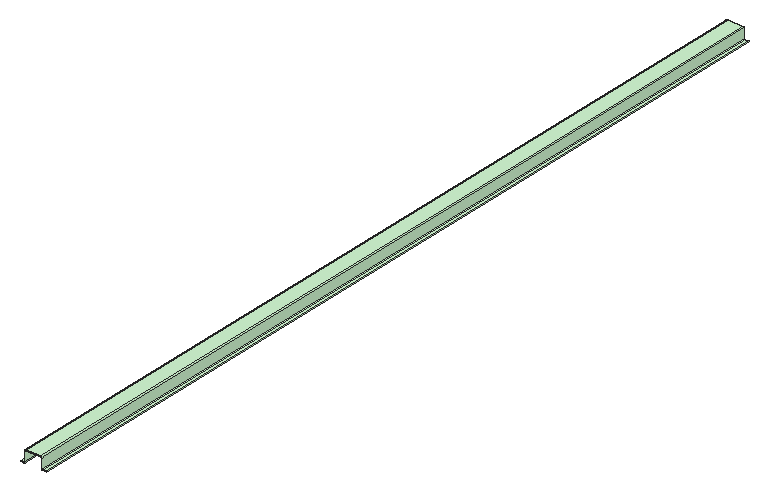
Revit family "根太鋼4060", category 機械設備, Revit 2020
Family settings
  丸型コネクタ寸法 = 直径を使用
  種別 = なし
  パーツ タイプ = 標準
  作業面ベース = いいえ
  常に垂直 = はい
  ロード時にボイドで切り取り = いいえ
  共有 = いいえ
  部屋計算ポイント = いいえ
Parameters
  製造元 = "株式会社桐井製作所"
  既定の高さ = 0 mm
  URL = "https://www.kirii.co.jp/"
  K_長さ(mm) [instance] = 3000 mm
  K_表面処理 = "Z12以上"
  K_材質 = "溶融亜鉛めっき鋼板及び鋼帯及び鋼帯 JIS G 3302"
  K_名称 = "根太鋼4060"
  K_単位質量(kg/m) = 8.478
  K_備考 = "定尺L=2400 、L=2700、L=3000"
  K_バージョン情報 = "20221219"
Reference planes
  plane 1 "中心(正面/背面)": y = 0
  plane 2: z = 0
  plane 3 "中心(左/右)": x = 0
Forms (mm)
  Extrusion 1, solid
    sketch origin (0, 0, 0) x (1, 0, 0) y (0, 0, 1)
      loop
        line (-45, 0) -> (-31.6, 0)
        arc (-31.6, 0) -> (-29.337, 0.937) -> (-28.4, 3.2) r 3.2
        line (-28.4, 3.2) -> (-28.4, 36.8)
        arc (-28.4, 36.8) -> (-27.931, 37.931) -> (-26.8, 38.4) r 1.6
        line (-26.8, 38.4) -> (26.8, 38.4)
        arc (26.8, 38.4) -> (27.931, 37.931) -> (28.4, 36.8) r 1.6
        line (28.4, 36.8) -> (28.4, 3.2)
        arc (28.4, 3.2) -> (29.337, 0.937) -> (31.6, 0) r 3.2
        line (31.6, 0) -> (45, 0) -> (45, 1.6) -> (31.6, 1.6)
        arc (31.6, 1.6) -> (30.469, 2.069) -> (30, 3.2) r 1.6
        line (30, 3.2) -> (30, 36.8)
        arc (30, 36.8) -> (29.063, 39.063) -> (26.8, 40) r 3.2
        line (26.8, 40) -> (-26.8, 40)
        arc (-26.8, 40) -> (-29.063, 39.063) -> (-30, 36.8) r 3.2
        line (-30, 36.8) -> (-30, 3.2)
        arc (-30, 3.2) -> (-30.469, 2.069) -> (-31.6, 1.6) r 1.6
        line (-31.6, 1.6) -> (-45, 1.6) -> (-45, 0)
    from 0 to 3000
Dimensions and locks
  "K_長さ(mm)": Extrusion 1 to Extrusion 1
  aligned and locked: level to plane 2
  aligned and locked: Extrusion 1 to plane 1 "中心(正面/背面)"
Automatic sketch dimensions
  Extrusion 1 sketch curve to Extrusion 1 sketch curve = 0 mm  (x8)
  Extrusion 1 sketch curve to level = 0 mm  (x2)
  Extrusion 1 sketch curve to plane 3 "中心(左/右)" = 45 mm
  level to Extrusion 1 sketch curve = 3.2 mm
  Extrusion 1 sketch curve to Extrusion 1 sketch curve = 13.4 mm  (x2)
  Extrusion 1 sketch curve to Extrusion 1 sketch curve = 1.6 mm  (x4)
  plane 3 "中心(左/右)" to Extrusion 1 sketch curve = 26.8 mm
  Extrusion 1 sketch curve to Extrusion 1 sketch curve = 33.6 mm
